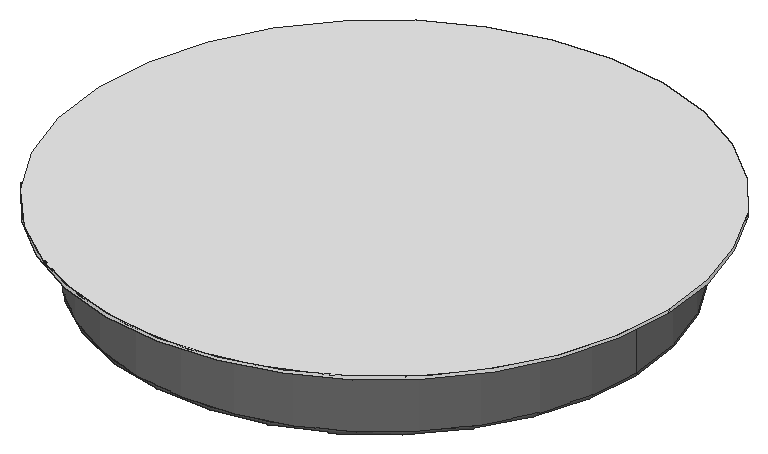
Revit family "ARKOSLIGHT_Fancy Shape Base 5", category Lighting Fixtures, host Face, Revit 2019
Family settings
  Host = Face
  Round Connector Dimension = Use Diameter
  Part Type = Normal
  Cut with Voids When Loaded = No
  Light Source = No
  Shared = No
  Room Calculation Point = No
Parameters (values of type "A4170121WT - FANCY SHAPE BASE 5 500mA WT")
  URL = "https://www.arkoslight.com/en/product/fsbase-es/"
  Model = ARKOSLIGHT_Model  # "FANCY SHAPE BASE"
  Manufacturer = "ARKOSLIGHT"  # constant formula
  ARKOSLIGHT_Wattage = 33.2 W
  ARKOSLIGHT_Series = "FANCY SHAPE BASE 5"  # constant formula
  ARKOSLIGHT_Reference = "A4170121WT"
  ARKOSLIGHT_Model = "FANCY SHAPE BASE"  # constant formula
  ARKOSLIGHT_IP = "20"
  ARKOSLIGHT_Fixture Type = "ACCESSORIES"  # constant formula
  ARKOSLIGHT_Dimming = "No Dim"
  ARKOSLIGHT_Color = "Textured white"
  Default Elevation = 0 mm
  Apparent Load = ARKOSLIGHT_Apparent Load  # 28 VA
  ARKOSLIGHT_Body_Secundary_Color = ARKOSLIGHT_Textured black
  ARKOSLIGHT_Body_Color = ARKOSLIGHT_Textured white
  ARKOSLIGHT_Apparent Load = 28 VA
Types (2, lengths in mm): name | ARKOSLIGHT_Reference | ARKOSLIGHT_Color | ARKOSLIGHT_Body_Color
  A4170121NT - FANCY SHAPE BASE 5 500mA NT | "A4170121NT" | "Textured black" | ARKOSLIGHT_Textured black
  A4170121WT - FANCY SHAPE BASE 5 500mA WT | "A4170121WT" | "Textured white" | ARKOSLIGHT_Textured white
Reference planes
  plane 1 "Center (Front/Back)": y = 0
  plane 2: z = 0
  plane 3 "Center (Left/Right)": x = 0
  plane 4: z = 34
Forms (mm)
  Extrusion 1, solid, material "ARKOSLIGHT_Textured white" <- "ARKOSLIGHT_Body_Color"
    sketch origin (-186.022, -4572, 34) x (-1, 0, 0) y (0, -1, 0)
      loop
        circle (-186.022, -4572) r 135
    from 0 to -1.425
  Revolve 2, solid, material "ARKOSLIGHT_Textured black" <- "ARKOSLIGHT_Body_Secundary_Color"
    sketch origin (0, 0, 0) x (1, 0, 0) y (0, 0, 1)
      loop
        line (0, 17.461) -> (0, 4.264) -> (98.95, 4.264) -> (101.704, 0) -> (117.949, 0)
        arc (117.949, 0) -> (119.364, 0.586) -> (119.949, 2) r 2
        line (119.949, 2) -> (119.949, 28.7) -> (117.376, 28.7) -> (117.25, 17.461) -> (0, 17.461)
      axis (0, 28.7) -> (0, 0)
    angle from 0 to 360
  Extrusion 3, solid, material "ARKOSLIGHT_Textured black" <- "ARKOSLIGHT_Body_Secundary_Color"
    sketch origin (-55.279, -44.39, 17.461) x (1, 0, 0) y (0, 1, 0)
      loop
        circle (0, -51.297) r 4.5
    from 5.109 to 0
  Extrusion 4, solid, material "ARKOSLIGHT_Textured black" <- "ARKOSLIGHT_Body_Secundary_Color"
    sketch origin (-55.279, -44.39, 22.57) x (1, 0, 0) y (0, 1, 0)
      loop
        circle (0, -51.297) r 5
    from 0 to 10.005
  Extrusion 5, solid, material "ARKOSLIGHT_Textured black" <- "ARKOSLIGHT_Body_Secundary_Color"
    sketch origin (110.516, -51.219, 17.461) x (1, 0, 0) y (0, 1, 0)
      loop
        circle (0, 51.219) r 4.5
    from 5.109 to 0
  Extrusion 6, solid, material "ARKOSLIGHT_Textured black" <- "ARKOSLIGHT_Body_Secundary_Color"
    sketch origin (110.516, -51.219, 22.57) x (1, 0, 0) y (0, 1, 0)
      loop
        circle (0, 51.219) r 5
    from 0 to 10.005
  Extrusion 7, solid, material "ARKOSLIGHT_Textured black" <- "ARKOSLIGHT_Body_Secundary_Color"
    sketch origin (-55.279, 44.39, 17.461) x (1, 0, 0) y (0, 1, 0)
      loop
        circle (0, 51.297) r 4.5
    from 5.109 to 0
  Extrusion 8, solid, material "ARKOSLIGHT_Textured black" <- "ARKOSLIGHT_Body_Secundary_Color"
    sketch origin (-55.279, 44.39, 22.57) x (1, 0, 0) y (0, 1, 0)
      loop
        circle (0, 51.297) r 5
    from 0 to 10.005
  Extrusion 9, solid, material "ARKOSLIGHT_Textured black" <- "ARKOSLIGHT_Body_Secundary_Color"
    sketch origin (55.279, -44.39, 17.461) x (-1, 0, 0) y (0, -1, 0)
      loop
        circle (0, 51.297) r 4.5
    from 5.109 to 0
  Extrusion 10, solid, material "ARKOSLIGHT_Textured black" <- "ARKOSLIGHT_Body_Secundary_Color"
    sketch origin (55.279, -44.39, 22.57) x (-1, 0, 0) y (0, -1, 0)
      loop
        circle (0, 51.297) r 5
    from 0 to 10.005
  Extrusion 11, solid, material "ARKOSLIGHT_Textured black" <- "ARKOSLIGHT_Body_Secundary_Color"
    sketch origin (55.279, 44.39, 17.461) x (-1, 0, 0) y (0, -1, 0)
      loop
        circle (0, -51.297) r 4.5
    from 5.109 to 0
  Extrusion 12, solid, material "ARKOSLIGHT_Textured black" <- "ARKOSLIGHT_Body_Secundary_Color"
    sketch origin (55.279, 44.39, 22.57) x (-1, 0, 0) y (0, -1, 0)
      loop
        circle (0, -51.297) r 5
    from 0 to 10.005
Cuts and joins
  joined: Revolve 2, Extrusion 3, Extrusion 4, Extrusion 5, Extrusion 6
Dimensions and locks
  locked: plane 4 to plane 2 at 34
  plane 4 to Revolve 2 sketch curve = 5.3 mm
  aligned and locked: plane 2 to host face
  aligned and locked: level to host face
  aligned and locked: plane 3 "Center (Left/Right)" to Extrusion 1 sketch curve
  aligned and locked: plane 1 "Center (Front/Back)" to Extrusion 1 sketch curve
  aligned and locked: Revolve 2 sketch curve to plane 3 "Center (Left/Right)"  (x2)
  aligned and locked: Revolve 2 sketch curve to plane 2
Connectors
  electrical at (0, 0, 0), driven by "Apparent Load"
    settings: on host face, index 1, voltage 230 V, apparent load 0 VA, apparent load phase1 28 VA, apparent load phase2 0 VA, apparent load phase3 0 VA, power factor 1, load classification "Lighting", number of poles 1, system type 31, power factor state 1, is connector primary yes, connector utility no, sub classification motor no, connector description ""
